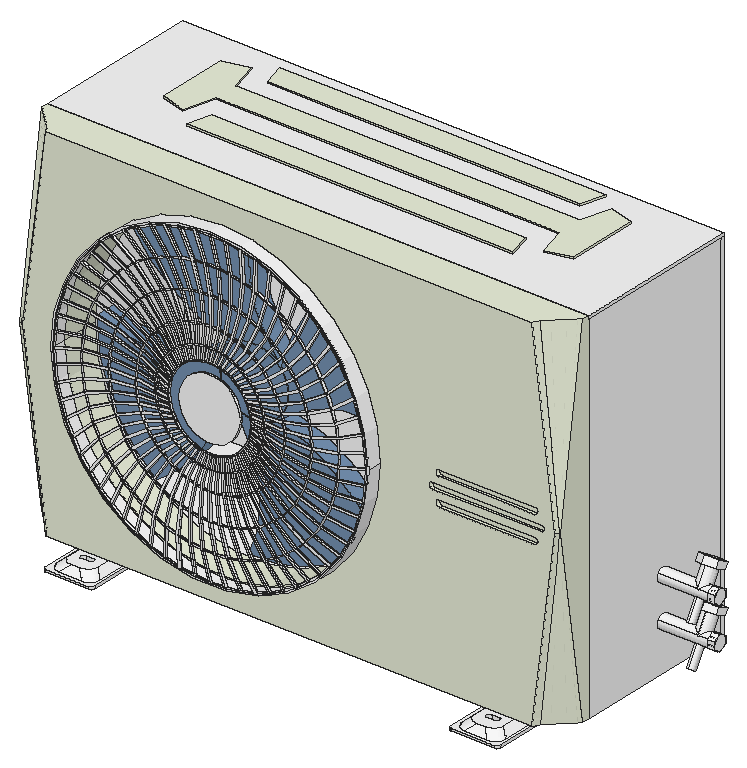
Revit family "ККБ REA I2 3,5 (5,3_6,2) инвертор", category Оборудование, Revit 2022
Family settings
  Размер круглого соединителя = Использовать радиус
  Тип детали = Нормальный
  Номер OmniClass = 23.75.00.00
  Заголовок OmniClass = Climate Control (HVAC)
  На основе рабочей плоскости = Нет
  Всегда вертикально = Да
  При загрузке вырезать с полостями = Нет
  Сохранять ориентацию аннотаций = Нет
  Общий = Нет
  Точка принадлежности помещению = Нет
Parameters (values of type "ККБ REA I2 3,5 инвертор")
  Отметка по умолчанию = 0.000 mm
  clearance access right = 600.000 mm
  clearance access left = 300.000 mm
  clearance access front = 2000.000 mm
  clearance access behind = 300.000 mm
  clearance [instance] = no
  Width = 795.000 mm
  Series = "VRF"
  Power supply = "220-240V 1Ph~50Hz/60Hz"
  Net Weight = 35.00 kg
  Группа модели = "ККБ REA I2 3,5 инвертор"
  Minimum Circuit Amps = 10 A
  Maximum Fuse Amps = 16 A
  Изготовитель = "WAER"  # constant formula
  Liquid pipe Radius = 0.5 * Liquid pipe  # 3.175 mm
  Liquid pipe = 6.350 mm
  Installation = "Outdoor installation"
  Height = 555.000 mm
  Heating Power Input = 0.88 kW
  Heating Capacity = 3.80 kW
  Gas pipe Radius = 0.5 * Gas pipe  # 6.350 mm
  Gas pipe = 12.700 mm
  Gas = "R410A"
  Описание = "High efficiency air cooled"
  Depth = 365.000 mm
  Cooling Power Input = 0.94 kW
  Cooling Capacity = 3.50 kW
  Condensation = "Air"
  Compressor = "1"
  Casing color = "SB2098"
  Air Flow = 2500.00 m³/h
Types (4, lengths in mm): name | Series | Группа модели | Minimum Circuit Amps | Maximum Fuse Amps | Heating Power Input | Heating Capacity | Cooling Power Input | Cooling Capacity | Air Flow
  (no name) | "VRF" | "ККБ REA I2 3,5 инвертор" | 10 A | 16 A | 0.88 kW | 3.80 kW | 0.94 kW | 3.50 kW | 2500.00 m³/h
  ККБ REA I2 3,5 инвертор | "VRF" | "ККБ REA I2 3,5 инвертор" | 10 A | 16 A | 0.88 kW | 3.80 kW | 0.94 kW | 3.50 kW | 2500.00 m³/h
  ККБ REA I2 5,3 инвертор | "VRF" | "ККБ REA I2 5,3 инвертор" | 16.3 A | 20 A | 1.35 kW | 5.80 kW | 1.47 kW | 5.30 kW | 2700.00 m³/h
  ККБ REA I2 6,2 инвертор | "CCU" | "ККБ REA I2 6,2 инвертор" | 16.3 A | 20 A | 1.41 kW | 6.00 kW | 1.85 kW | 6.20 kW | 2700.00 m³/h
Reference planes
  plane 1 "Center (Front/Back)": y = 0
  plane 2: z = 0
  plane 3 "Center (Left/Right)": x = 0
  plane 4: y = 142.5
  plane 5: y = -222.5
  plane 6: x = -397.5
  plane 7: x = 397.5
  plane 8: z = 555
  plane 9: x = 490
  plane 10: x = -435
  plane 11: z = 368
  plane 12: z = 289.5
Forms (mm)
  Extrusion 1, solid, material "Galvanized Steel", detail levels medium+fine
    sketch origin (-463, 23.5, 789) x (1, 0, 0) y (0, 1, 0)
      loop
        line (65.5, -159) -> (65.5, -213) -> (860.5, -213) -> (860.5, -159) -> (65.5, -159)
    from -765 to -234
  Extrusion 2, void
    sketch origin (25, 0, -115) x (1, 0, 0) y (0, 0, 1)
      loop
        circle (-122.999, 406.499) r 230
    from 95.826 to 189.5
  Extrusion 3, solid, material "Galvanized Steel", detail levels fine
    sketch origin (0, 0, 0) x (1, 0, 0) y (0, 1, 0)
      loop
        line (-301.632, 63.232) -> (-301.632, -42.111) -> (-264.682, -52.012) -> (-252.612, -6.969) -> (0, -6.969) -> (252.612, -6.969) -> (264.682, -52.012) -> (301.632, -42.111) -> (301.632, 63.232) -> (264.319, 73.23) -> (252.612, 29.542) -> (0, 29.542) -> (-252.612, 29.542) -> (-264.319, 73.23) -> (-301.632, 63.232)
      loop
        line (-239.248, 94.213) -> (-229.87, 59.213) -> (0, 59.213) -> (229.87, 59.213) -> (239.248, 94.213) -> (0, 94.213) -> (-239.248, 94.213)
      loop
        line (-239.945, -76.816) -> (0, -76.816) -> (239.945, -76.816) -> (230.567, -41.816) -> (0, -41.816) -> (-230.567, -41.816) -> (-239.945, -76.816)
    from 555 to 557
  Extrusion 4, solid, material "HXL White", detail levels fine
    sketch origin (-20, 0, 55) x (1, 0, 0) y (0, 0, 1)
      loop
        line (-400, 451.5) -> (-413.971, 441.771)
        arc (-413.971, 441.771) -> (-414.612, 441.134) -> (-415, 440.318) r 2.624
        line (-415, 440.318) -> (-415, 438.504)
        arc (-415, 438.504) -> (-414.222, 436.932) -> (-412.501, 436.597) r 1.977
        line (-412.501, 436.597) -> (-400, 440.016) -> (-400, 451.5)
    from -49.542 to 26.969
  Blend 5, void
    base sketch origin (-463, 23.5, 555) x (0, 1, 0) y (-1, 0, 0)
      loop
        line (-169, -860.5) -> (-204.355, -825.145) -> (-213, -820.154) -> (-213, -860.5) -> (-169, -860.5)
    top sketch origin (397.5, -4572, 289.5) x (-1, 0, 0) y (0, -1, 0)
      loop
        line (2.5, -4386.5) -> (6.5, -4382.5) -> (2.5, -4382.5) -> (0, -4382.5) -> (0, -4386.5) -> (2.5, -4386.5)
    from 0 to 0
  Blend 6, void
    base sketch origin (-463, 23.5, 24) x (-1, 0, 0) y (0, -1, 0)
      loop
        line (-860.5, 169) -> (-825.145, 204.355) -> (-820.154, 213) -> (-860.5, 213) -> (-860.5, 169)
    top sketch origin (397.5, -4572, 289.5) x (0, 1, 0) y (-1, 0, 0)
      loop
        line (4386.5, 2.5) -> (4382.5, 6.5) -> (4382.5, 2.5) -> (4382.5, 0) -> (4386.5, 0) -> (4386.5, 2.5)
    from 0 to 0
  Blend 7, void
    base sketch origin (463, 23.5, 555) x (0, -1, 0) y (1, 0, 0)
      loop
        line (169, -860.5) -> (213, -860.5) -> (213, -820.154) -> (204.355, -825.145) -> (169, -860.5)
    top sketch origin (-397.5, -4572, 289.5) x (1, 0, 0) y (0, 1, 0)
      loop
        line (2.5, 4386.5) -> (0, 4386.5) -> (0, 4382.5) -> (2.5, 4382.5) -> (6.5, 4382.5) -> (2.5, 4386.5)
    from 0 to 0
  Blend 8, void
    base sketch origin (463, 23.5, 24) x (1, 0, 0) y (0, 1, 0)
      loop
        line (-860.5, -169) -> (-860.5, -213) -> (-820.154, -213) -> (-825.145, -204.355) -> (-860.5, -169)
    top sketch origin (-397.5, -4572, 289.5) x (0, -1, 0) y (1, 0, 0)
      loop
        line (-4386.5, 2.5) -> (-4386.5, 0) -> (-4382.5, 0) -> (-4382.5, 2.5) -> (-4382.5, 6.5) -> (-4386.5, 2.5)
    from 0 to 0
  Extrusion 9, void
    sketch origin (398.949, -189.5, 783.549) x (1, 0, 0) y (0, 0, -1)
      loop
        line (-186.553, 489.049) -> (-26.553, 489.049)
        arc (-26.553, 489.049) -> (-21.553, 494.049) -> (-26.553, 499.049) r 5
        line (-26.553, 499.049) -> (-186.553, 499.049)
        arc (-186.553, 499.049) -> (-191.553, 494.049) -> (-186.553, 489.049) r 5
      loop
        line (-176.553, 509.049) -> (-36.553, 509.049)
        arc (-36.553, 509.049) -> (-31.553, 514.049) -> (-36.553, 519.049) r 5
        line (-36.553, 519.049) -> (-176.553, 519.049)
        arc (-176.553, 519.049) -> (-181.553, 514.049) -> (-176.553, 509.049) r 5
      loop
        line (-176.553, 469.049) -> (-36.553, 469.049)
        arc (-36.553, 469.049) -> (-31.553, 474.049) -> (-36.553, 479.049) r 5
        line (-36.553, 479.049) -> (-176.553, 479.049)
        arc (-176.553, 479.049) -> (-181.553, 474.049) -> (-176.553, 469.049) r 5
    from 0 to 5
Cuts and joins
  Extrusion 2, Blend 5, Blend 6, Blend 7, Blend 8, Extrusion 9 cuts Extrusion 1
Lines and regions (mm)
  model lines
    curve 1: line (-397.5, 113.5, 555) -> (-397.5, -135.5, 555)
    curve 2: line (397.5, 113.5, 555) -> (-397.5, 113.5, 555)
    curve 3: line (397.5, -135.5, 555) -> (397.5, 113.5, 555)
    curve 4: line (-397.5, -135.5, 555) -> (397.5, -135.5, 555)
    curve 5: line (-397.5, 113.5, 24) -> (-397.5, -135.5, 24)
    curve 6: line (397.5, 113.5, 24) -> (-397.5, 113.5, 24)
    curve 7: line (397.5, -135.5, 24) -> (397.5, 113.5, 24)
    curve 8: line (-397.5, -135.5, 24) -> (397.5, -135.5, 24)
    curve 9: line (-397.5, -135.5, 555) -> (-397.5, -135.5, 24)
    curve 10: line (397.5, -135.5, 24) -> (397.5, -135.5, 555)
    curve 11: line (397.5, 113.5, 555) -> (397.5, 113.5, 24)
    curve 12: line (-397.5, 113.5, 24) -> (-397.5, 113.5, 555)
Dimensions and locks
  aligned and locked: level to plane 2
Nested families
  nested 1: "pingban-HXL" at (-397.5, 113.5, 24), type "pingban-HXL", detail levels medium+fine
    with Width 795.000 mm, Height 526.000 mm, Depth 5.000 mm
  nested 2: "pingban-HXL" at (-397.5, -135.5, 24) x (0, 1, 0) z (0, 0, 1), type "pingban-HXL", detail levels medium+fine
    with Width 244.000 mm, Height 526.000 mm, Depth 5.000 mm
  nested 3: "pingban-HXL" at (397.5, 108.5, 24) x (0, -1, 0) z (0, 0, 1), type "pingban-HXL", detail levels medium+fine
    with Width 244.000 mm, Height 526.000 mm, Depth 5.000 mm
  nested 4: "xiaodijia365" at (298, -40, 0), type "xiaodijia365", detail levels medium+fine
  nested 5: "xiaodijia365" at (-298, -40, 0), type "xiaodijia365", detail levels medium+fine
  nested 6: "pingban-HXL" at (-392.5, 108.5, 24), type "pingban-HXL", detail levels medium+fine
    with Width 785.000 mm, Height 5.000 mm, Depth 244.000 mm
  nested 7: "pingban-HXL" at (-397.5, 113.5, 550), type "pingban-HXL", detail levels medium+fine
    with Width 795.000 mm, Height 5.000 mm, Depth 249.000 mm
  nested 8: "fengkou230（quxian+hou）" at (-97.999, -211.5, 291.5) x (1, 0, 0) z (0, 1, 0), type "fengkou230（quxian+hou）", detail levels medium+fine
  nested 9: "fengshan230" at (-97.999, -130, 291.5) x (-1, 0, 0) z (0, 1, 0), type "fengshan230", detail levels fine
  nested 10: "guan_HXL" at (442.5, 0, 154.965) x (0, 0.866, -0.5) z (0, 0.5, 0.866), type "guan_HXL"
    with luomukuandu2 30.000 mm, luomukuandu 20.000 mm, luomuhoudu2 10.000 mm, luomuhoudu 10.000 mm, diameter2 20.000 mm, diameter 20.000 mm, Length2 40.000 mm, Length 85.000 mm
  nested 11: "guan_HXL" at (442.5, 0, 93.918) x (0, 0.866, -0.5) z (0, 0.5, 0.866), type "guan_HXL"
    with luomukuandu2 30.000 mm, luomukuandu 20.000 mm, luomuhoudu2 10.000 mm, luomuhoudu 10.000 mm, diameter2 20.000 mm, diameter 20.000 mm, Length2 40.000 mm, Length 85.000 mm
  nested 12: "service space" at (-397.5, 142.5, 0), Height <- "Height", visible <- "clearance", type "Service  Space"
    with Width 795.000 mm, Height 555.000 mm, Depth 300.000 mm
  nested 13: "service space" at (-697.5, -222.5, 0), Height <- "Height", visible <- "clearance", type "Service  Space"
    with Width 300.000 mm, Height 555.000 mm, Depth 365.000 mm
  nested 14: "service space" at (397.5, -222.5, 0), Height <- "Height", visible <- "clearance", type "Service  Space"
    with Width 600.000 mm, Height 555.000 mm, Depth 365.000 mm
  nested 15: "service space" at (-397.5, -2222.5, 0), Height <- "Height", visible <- "clearance", type "Service  Space"
    with Width 795.000 mm, Height 555.000 mm, Depth 2000.000 mm
Connectors
  electrical at (-420, 11.286, 500.758)
    settings: on Extrusion 4, index 1, voltage 220 V, apparent load 0 VA, apparent load phase1 0 VA, apparent load phase2 0 VA, apparent load phase3 0 VA, power factor 1, load classification "HVAC", number of poles 1, system type 30, power factor state 1, is connector primary yes, connector utility no, sub classification motor no, connector description ""
  piping at (397.5, 0, 154.965), diameter 12.7, driven by "Gas pipe Radius"
    settings: on nested 10, index 2, connector inside diameter 1/2", connector length 0.000 mm, flow factor 0, pipe flow 0 GPM, pressure drop 0.00 psi, fitting loss kfactor 0, connector angle 0.00°, fixture units 0, engagement length 0.000 mm, angle of deflection 0.00°, flow configuration 0, flow direction 0, fitting loss method 0, system type 19, joint type 0, gender type 0, connector reference index -1, connector utility 0, adjustable connector no, is connector primary yes, connector description ""
  piping at (397.5, 0, 93.918), diameter 6.35, driven by "Liquid pipe Radius"
    settings: on nested 11, index 3, connector inside diameter 1/4", connector length 0.000 mm, flow factor 0, pipe flow 0 GPM, pressure drop 0.00 psi, fitting loss kfactor 0, connector angle 0.00°, fixture units 0, engagement length 0.000 mm, angle of deflection 0.00°, flow configuration 0, flow direction 0, fitting loss method 0, system type 19, joint type 0, gender type 0, connector reference index -1, connector utility 0, adjustable connector no, is connector primary no, connector description ""
Definition of nested family "pingban-HXL"
  Parameters
    Default Elevation = 0.000 mm
    Width [instance] = 65.000 mm
    Series = ""
    Machine material = none
    Installation = ""
    Height [instance] = 100.000 mm
    Gas = ""
    Depth [instance] = 5.000 mm
    Condensation = ""
  Reference planes
    plane 1 "Center (Front/Back)": y = 0
    plane 2: z = 0
    plane 3 "Center (Left/Right)": x = 0
    plane 4: z = 160
    plane 5: x = 65
  Forms (mm)
    Extrusion 1, solid, material <- "Machine material"
      sketch origin (0, 0, 0) x (1, 0, 0) y (0, 0, 1)
        loop
          line (0, 100) -> (0, 0) -> (65, 0) -> (65, 100) -> (0, 100)
      from 0 to 5
  Dimensions and locks
    "Width": Extrusion 1 to plane 3 "Center (Left/Right)"
    "Height": Extrusion 1 to level
    "Depth": Extrusion 1 to plane 1 "Center (Front/Back)"
    aligned and locked: level to plane 2
  Automatic sketch dimensions
    Extrusion 1 sketch curve to plane 3 "Center (Left/Right)" = 0.000 mm
    Extrusion 1 sketch curve to level = 0.000 mm
    Extrusion 1 sketch curve to plane 5 = 0.000 mm
    Extrusion 1 sketch curve to plane 4 = 60.000 mm
Definition of nested family "xiaodijia365"
  Parameters
    Default Elevation = 0.000 mm
  Reference planes
    plane 1 "Center (Front/Back)": y = 0
    plane 2: z = 0
    plane 3 "Center (Left/Right)": x = 0
    plane 4: x = -36.5
    plane 5: x = 36.5
    plane 6: z = 12
    plane 7: z = 3
    plane 8: z = 24
    plane 9: y = -20
    plane 10: y = 20
    plane 11: x = 21.5
    plane 12: x = -21.5
    plane 13: y = 182.5
    plane 14: y = -145.5
    plane 15: x = -6
    plane 16: x = 6
    plane 17: y = -186
    plane 18: y = -194
  Forms (mm)
    Blend 1, solid
      base sketch origin (0, 0, 0) x (1, 0, 0) y (0, 1, 0)
        loop
          line (6.5, 167.483) -> (-6.5, 167.483)
          arc (-6.5, 167.483) -> (-17.107, 163.09) -> (-21.5, 152.483) r 15
          line (-21.5, 152.483) -> (-21.5, -152.5)
          arc (-21.5, -152.5) -> (-17.107, -163.107) -> (-6.5, -167.5) r 15
          line (-6.5, -167.5) -> (6.5, -167.5)
          arc (6.5, -167.5) -> (17.107, -163.107) -> (21.5, -152.5) r 15
          line (21.5, -152.5) -> (21.5, 152.483)
          arc (21.5, 152.483) -> (17.107, 163.09) -> (6.5, 167.483) r 15
      top sketch origin (0, 0, 0) x (1, 0, 0) y (0, 1, 0)
        loop
          line (26.5, 177.5) -> (-26.5, 177.5)
          arc (-26.5, 177.5) -> (-30.036, 176.036) -> (-31.5, 172.5) r 5
          line (-31.5, 172.5) -> (-31.5, -162.5)
          arc (-31.5, -162.5) -> (-27.107, -173.107) -> (-16.5, -177.5) r 15
          line (-16.5, -177.5) -> (16.5, -177.5)
          arc (16.5, -177.5) -> (27.107, -173.107) -> (31.5, -162.5) r 15
          line (31.5, -162.5) -> (31.5, 172.5)
          arc (31.5, 172.5) -> (30.036, 176.036) -> (26.5, 177.5) r 5
      from 12 to 3
    Extrusion 2, solid
      sketch origin (0, 0, 0) x (1, 0, 0) y (0, 1, 0)
        loop
          arc (-31.5, 182.5) -> (-35.036, 181.036) -> (-36.5, 177.5) r 5
          line (-36.5, 177.5) -> (-36.5, -177.5)
          arc (-36.5, -177.5) -> (-35.036, -181.036) -> (-31.5, -182.5) r 5
          line (-31.5, -182.5) -> (31.5, -182.5)
          arc (31.5, -182.5) -> (35.036, -181.036) -> (36.5, -177.5) r 5
          line (36.5, -177.5) -> (36.5, 177.5)
          arc (36.5, 177.5) -> (35.036, 181.036) -> (31.5, 182.5) r 5
          line (31.5, 182.5) -> (-31.5, 182.5)
        loop
          arc (-26.5, 177.5) -> (-30.036, 176.036) -> (-31.5, 172.5) r 5
          line (-31.5, 172.5) -> (-31.5, -162.5)
          arc (-31.5, -162.5) -> (-27.107, -173.107) -> (-16.5, -177.5) r 15
          line (-16.5, -177.5) -> (16.5, -177.5)
          arc (16.5, -177.5) -> (27.107, -173.107) -> (31.5, -162.5) r 15
          line (31.5, -162.5) -> (31.5, 172.5)
          arc (31.5, 172.5) -> (30.036, 176.036) -> (26.5, 177.5) r 5
          line (26.5, 177.5) -> (-26.5, 177.5)
      from 0 to 3
    Extrusion 3, solid
      sketch origin (0, 0, 0) x (0, 1, 0) y (0, 0, 1)
        loop
          arc (-19.275, 24) -> (-19.902, 23.667) -> (-20.264, 23.056) r 1.312
          line (-20.264, 23.056) -> (-22.833, 13.434)
          arc (-22.833, 13.434) -> (-23.437, 12.605) -> (-24.266, 12) r 3.318
          line (-24.266, 12) -> (24.266, 12)
          arc (24.266, 12) -> (23.437, 12.605) -> (22.833, 13.434) r 3.318
          line (22.833, 13.434) -> (20.264, 23.056)
          arc (20.264, 23.056) -> (19.902, 23.667) -> (19.275, 24) r 1.312
          line (19.275, 24) -> (-19.275, 24)
      from -21.5 to 21.5
    Extrusion 4, solid
      sketch origin (0, 100, 0) x (0, 1, 0) y (0, 0, 1)
        loop
          arc (-19.275, 24) -> (-19.902, 23.667) -> (-20.264, 23.056) r 1.312
          line (-20.264, 23.056) -> (-22.833, 13.434)
          arc (-22.833, 13.434) -> (-23.437, 12.605) -> (-24.266, 12) r 3.318
          line (-24.266, 12) -> (24.266, 12)
          arc (24.266, 12) -> (23.437, 12.605) -> (22.833, 13.434) r 3.318
          line (22.833, 13.434) -> (20.264, 23.056)
          arc (20.264, 23.056) -> (19.902, 23.667) -> (19.275, 24) r 1.312
          line (19.275, 24) -> (-19.275, 24)
      from -21.5 to 21.5
    Extrusion 5, solid
      sketch origin (0, -100, 0) x (0, 1, 0) y (0, 0, 1)
        loop
          arc (-19.275, 24) -> (-19.902, 23.667) -> (-20.264, 23.056) r 1.312
          line (-20.264, 23.056) -> (-22.833, 13.434)
          arc (-22.833, 13.434) -> (-23.437, 12.605) -> (-24.266, 12) r 3.318
          line (-24.266, 12) -> (24.266, 12)
          arc (24.266, 12) -> (23.437, 12.605) -> (22.833, 13.434) r 3.318
          line (22.833, 13.434) -> (20.264, 23.056)
          arc (20.264, 23.056) -> (19.902, 23.667) -> (19.275, 24) r 1.312
          line (19.275, 24) -> (-19.275, 24)
      from -21.5 to 21.5
    Extrusion 6, void
      sketch origin (0, 44.5, 0) x (1, 0, 0) y (0, 1, 0)
        loop
          arc (-6, -186) -> (-10, -190) -> (-6, -194) r 4
          line (-6, -194) -> (6, -194)
          arc (6, -194) -> (10, -190) -> (6, -186) r 4
          line (6, -186) -> (-6, -186)
        loop
          line (-6, 97) -> (6, 97)
          arc (6, 97) -> (10, 101) -> (6, 105) r 4
          line (6, 105) -> (-6, 105)
          arc (-6, 105) -> (-10, 101) -> (-6, 97) r 4
      from 0 to 20
  Cuts and joins
    Extrusion 6 cuts Blend 1
  Dimensions and locks
    aligned and locked: level to plane 2
Definition of nested family "fengkou230（quxian+hou）"
  Parameters
    Default Elevation = 0.000 mm
    Series = ""
    Machine material = none
    Installation = ""
    Gas = ""
    Condensation = ""
  Reference planes
    plane 1 "Center (Front/Back)": y = 0
    plane 2: z = 0
    plane 3 "Center (Left/Right)": x = 0
  Forms (mm)
    Extrusion 1, solid, material <- "Machine material"
      sketch origin (0, 0, 0) x (1, 0, 0) y (0, 1, 0)
        loop
          circle (0, 0) r 60
        loop
          circle (0, 0) r 61
        loop
          circle (0, 0) r 80
        loop
          circle (0, 0) r 81
        loop
          circle (0, 0) r 109
        loop
          circle (0, 0) r 110
        loop
          circle (0, 0) r 149
        loop
          circle (0, 0) r 150
        loop
          circle (0, 0) r 189
        loop
          circle (0, 0) r 190
        loop
          circle (0, 0) r 229
        loop
          circle (0, 0) r 230
      from 0 to 2
    Extrusion 2, solid, material <- "Machine material"
      sketch origin (0, 0, 0) x (-0.92388, 0.382683, 0) y (-0.382683, -0.92388, 0)
        loop
          line (1.697, 229.995) -> (-1.5, 229.995)
          arc (-1.5, 229.995) -> (-16.559, 144.988) -> (-1.5, 59.981) r 247.455
          line (-1.5, 59.981) -> (1.697, 59.981)
          arc (1.697, 59.981) -> (-13.559, 144.988) -> (1.697, 229.995) r 244.455
      from 0 to 2
    Extrusion 3, solid, material <- "Machine material"
      sketch origin (0, 0, 0) x (0.92388, -0.382683, 0) y (0.382683, 0.92388, 0)
        loop
          line (1.697, 229.995) -> (-1.5, 229.995)
          arc (-1.5, 229.995) -> (-16.559, 144.988) -> (-1.5, 59.981) r 247.455
          line (-1.5, 59.981) -> (1.697, 59.981)
          arc (1.697, 59.981) -> (-13.559, 144.988) -> (1.697, 229.995) r 244.455
      from 0 to 2
    Extrusion 4, solid, material <- "Machine material"
      sketch origin (0, 0, 0) x (0.382683, 0.92388, 0) y (-0.92388, 0.382683, 0)
        loop
          line (1.697, 229.995) -> (-1.5, 229.995)
          arc (-1.5, 229.995) -> (-16.559, 144.988) -> (-1.5, 59.981) r 247.455
          line (-1.5, 59.981) -> (1.697, 59.981)
          arc (1.697, 59.981) -> (-13.559, 144.988) -> (1.697, 229.995) r 244.455
      from 0 to 2
    Extrusion 5, solid, material <- "Machine material"
      sketch origin (0, 0, 0) x (-0.382683, -0.92388, 0) y (0.92388, -0.382683, 0)
        loop
          line (1.697, 229.995) -> (-1.5, 229.995)
          arc (-1.5, 229.995) -> (-16.559, 144.988) -> (-1.5, 59.981) r 247.455
          line (-1.5, 59.981) -> (1.697, 59.981)
          arc (1.697, 59.981) -> (-13.559, 144.988) -> (1.697, 229.995) r 244.455
      from 0 to 2
    Extrusion 6, solid, material <- "Machine material"
      sketch origin (0, 0, 0) x (-0.382683, 0.92388, 0) y (-0.92388, -0.382683, 0)
        loop
          line (1.697, 229.995) -> (-1.5, 229.995)
          arc (-1.5, 229.995) -> (-16.559, 144.988) -> (-1.5, 59.981) r 247.455
          line (-1.5, 59.981) -> (1.697, 59.981)
          arc (1.697, 59.981) -> (-13.559, 144.988) -> (1.697, 229.995) r 244.455
      from 0 to 2
    Extrusion 7, solid, material <- "Machine material"
      sketch origin (0, 0, 0) x (0.382683, -0.92388, 0) y (0.92388, 0.382683, 0)
        loop
          line (1.697, 229.995) -> (-1.5, 229.995)
          arc (-1.5, 229.995) -> (-16.559, 144.988) -> (-1.5, 59.981) r 247.455
          line (-1.5, 59.981) -> (1.697, 59.981)
          arc (1.697, 59.981) -> (-13.559, 144.988) -> (1.697, 229.995) r 244.455
      from 0 to 2
    Extrusion 8, solid, material <- "Machine material"
      sketch origin (0, 0, 0) x (0.92388, 0.382683, 0) y (-0.382683, 0.92388, 0)
        loop
          line (1.697, 229.995) -> (-1.5, 229.995)
          arc (-1.5, 229.995) -> (-16.559, 144.988) -> (-1.5, 59.981) r 247.455
          line (-1.5, 59.981) -> (1.697, 59.981)
          arc (1.697, 59.981) -> (-13.559, 144.988) -> (1.697, 229.995) r 244.455
      from 0 to 2
    Extrusion 9, solid, material <- "Machine material"
      sketch origin (0, 0, 0) x (-0.92388, -0.382683, 0) y (0.382683, -0.92388, 0)
        loop
          line (1.697, 229.995) -> (-1.5, 229.995)
          arc (-1.5, 229.995) -> (-16.559, 144.988) -> (-1.5, 59.981) r 247.455
          line (-1.5, 59.981) -> (1.697, 59.981)
          arc (1.697, 59.981) -> (-13.559, 144.988) -> (1.697, 229.995) r 244.455
      from 0 to 2
    Extrusion 10, solid, material <- "Machine material"
      sketch origin (0, 0, 0) x (-0.707107, 0.707107, 0) y (-0.707107, -0.707107, 0)
        loop
          line (1.697, 229.995) -> (-1.5, 229.995)
          arc (-1.5, 229.995) -> (-16.559, 144.988) -> (-1.5, 59.981) r 247.455
          line (-1.5, 59.981) -> (1.697, 59.981)
          arc (1.697, 59.981) -> (-13.559, 144.988) -> (1.697, 229.995) r 244.455
      from 0 to 2
    Extrusion 11, solid, material <- "Machine material"
      sketch origin (0, 0, 0) x (0.707107, -0.707107, 0) y (0.707107, 0.707107, 0)
        loop
          line (1.697, 229.995) -> (-1.5, 229.995)
          arc (-1.5, 229.995) -> (-16.559, 144.988) -> (-1.5, 59.981) r 247.455
          line (-1.5, 59.981) -> (1.697, 59.981)
          arc (1.697, 59.981) -> (-13.559, 144.988) -> (1.697, 229.995) r 244.455
      from 0 to 2
    Extrusion 12, solid, material <- "Machine material"
      sketch origin (0, 0, 0) x (0.707107, 0.707107, 0) y (-0.707107, 0.707107, 0)
        loop
          line (1.697, 229.995) -> (-1.5, 229.995)
          arc (-1.5, 229.995) -> (-16.559, 144.988) -> (-1.5, 59.981) r 247.455
          line (-1.5, 59.981) -> (1.697, 59.981)
          arc (1.697, 59.981) -> (-13.559, 144.988) -> (1.697, 229.995) r 244.455
      from 0 to 2
    Extrusion 13, solid, material <- "Machine material"
      sketch origin (0, 0, 0) x (-0.707107, -0.707107, 0) y (0.707107, -0.707107, 0)
        loop
          line (1.697, 229.995) -> (-1.5, 229.995)
          arc (-1.5, 229.995) -> (-16.559, 144.988) -> (-1.5, 59.981) r 247.455
          line (-1.5, 59.981) -> (1.697, 59.981)
          arc (1.697, 59.981) -> (-13.559, 144.988) -> (1.697, 229.995) r 244.455
      from 0 to 2
    Extrusion 14, solid, material <- "Machine material"
      sketch origin (0, 0, 0) x (0, 1, 0) y (-1, 0, 0)
        loop
          line (1.697, 229.995) -> (-1.5, 229.995)
          arc (-1.5, 229.995) -> (-16.559, 144.988) -> (-1.5, 59.981) r 247.455
          line (-1.5, 59.981) -> (1.697, 59.981)
          arc (1.697, 59.981) -> (-13.559, 144.988) -> (1.697, 229.995) r 244.455
      from 0 to 2
    Extrusion 15, solid, material <- "Machine material"
      sketch origin (0, 0, 0) x (0, -1, 0) y (1, 0, 0)
        loop
          line (1.697, 229.995) -> (-1.5, 229.995)
          arc (-1.5, 229.995) -> (-16.559, 144.988) -> (-1.5, 59.981) r 247.455
          line (-1.5, 59.981) -> (1.697, 59.981)
          arc (1.697, 59.981) -> (-13.559, 144.988) -> (1.697, 229.995) r 244.455
      from 0 to 2
    Extrusion 16, solid, material <- "Machine material"
      sketch origin (0, 0, 0) x (1, 0, 0) y (0, 1, 0)
        loop
          line (1.697, 229.995) -> (-1.5, 229.995)
          arc (-1.5, 229.995) -> (-16.559, 144.988) -> (-1.5, 59.981) r 247.455
          line (-1.5, 59.981) -> (1.697, 59.981)
          arc (1.697, 59.981) -> (-13.559, 144.988) -> (1.697, 229.995) r 244.455
      from 0 to 2
    Extrusion 17, solid, material <- "Machine material"
      sketch origin (0, 0, 0) x (-1, 0, 0) y (0, -1, 0)
        loop
          line (1.697, 229.995) -> (-1.5, 229.995)
          arc (-1.5, 229.995) -> (-16.559, 144.988) -> (-1.5, 59.981) r 247.455
          line (-1.5, 59.981) -> (1.697, 59.981)
          arc (1.697, 59.981) -> (-13.559, 144.988) -> (1.697, 229.995) r 244.455
      from 0 to 2
    Extrusion 18, solid, material <- "Machine material"
      sketch origin (0, 0, 0) x (-0.980785, 0.19509, 0) y (-0.19509, -0.980785, 0)
        loop
          line (1.697, 229.995) -> (-1.5, 229.995)
          arc (-1.5, 229.995) -> (-16.559, 144.988) -> (-1.5, 59.981) r 247.455
          line (-1.5, 59.981) -> (1.697, 59.981)
          arc (1.697, 59.981) -> (-13.559, 144.988) -> (1.697, 229.995) r 244.455
      from 0 to 2
    Extrusion 19, solid, material <- "Machine material"
      sketch origin (0, 0, 0) x (0.980785, -0.19509, 0) y (0.19509, 0.980785, 0)
        loop
          line (1.697, 229.995) -> (-1.5, 229.995)
          arc (-1.5, 229.995) -> (-16.559, 144.988) -> (-1.5, 59.981) r 247.455
          line (-1.5, 59.981) -> (1.697, 59.981)
          arc (1.697, 59.981) -> (-13.559, 144.988) -> (1.697, 229.995) r 244.455
      from 0 to 2
    Extrusion 20, solid, material <- "Machine material"
      sketch origin (0, 0, 0) x (0.19509, 0.980785, 0) y (-0.980785, 0.19509, 0)
        loop
          line (1.697, 229.995) -> (-1.5, 229.995)
          arc (-1.5, 229.995) -> (-16.559, 144.988) -> (-1.5, 59.981) r 247.455
          line (-1.5, 59.981) -> (1.697, 59.981)
          arc (1.697, 59.981) -> (-13.559, 144.988) -> (1.697, 229.995) r 244.455
      from 0 to 2
    Extrusion 21, solid, material <- "Machine material"
      sketch origin (0, 0, 0) x (-0.19509, -0.980785, 0) y (0.980785, -0.19509, 0)
        loop
          line (1.697, 229.995) -> (-1.5, 229.995)
          arc (-1.5, 229.995) -> (-16.559, 144.988) -> (-1.5, 59.981) r 247.455
          line (-1.5, 59.981) -> (1.697, 59.981)
          arc (1.697, 59.981) -> (-13.559, 144.988) -> (1.697, 229.995) r 244.455
      from 0 to 2
    Extrusion 22, solid, material <- "Machine material"
      sketch origin (0, 0, 0) x (-0.55557, 0.83147, 0) y (-0.83147, -0.55557, 0)
        loop
          line (1.697, 229.995) -> (-1.5, 229.995)
          arc (-1.5, 229.995) -> (-16.559, 144.988) -> (-1.5, 59.981) r 247.455
          line (-1.5, 59.981) -> (1.697, 59.981)
          arc (1.697, 59.981) -> (-13.559, 144.988) -> (1.697, 229.995) r 244.455
      from 0 to 2
    Extrusion 23, solid, material <- "Machine material"
      sketch origin (0, 0, 0) x (0.55557, -0.83147, 0) y (0.83147, 0.55557, 0)
        loop
          line (1.697, 229.995) -> (-1.5, 229.995)
          arc (-1.5, 229.995) -> (-16.559, 144.988) -> (-1.5, 59.981) r 247.455
          line (-1.5, 59.981) -> (1.697, 59.981)
          arc (1.697, 59.981) -> (-13.559, 144.988) -> (1.697, 229.995) r 244.455
      from 0 to 2
    Extrusion 24, solid, material <- "Machine material"
      sketch origin (0, 0, 0) x (0.83147, 0.55557, 0) y (-0.55557, 0.83147, 0)
        loop
          line (1.697, 229.995) -> (-1.5, 229.995)
          arc (-1.5, 229.995) -> (-16.559, 144.988) -> (-1.5, 59.981) r 247.455
          line (-1.5, 59.981) -> (1.697, 59.981)
          arc (1.697, 59.981) -> (-13.559, 144.988) -> (1.697, 229.995) r 244.455
      from 0 to 2
    Extrusion 25, solid, material <- "Machine material"
      sketch origin (0, 0, 0) x (-0.83147, -0.55557, 0) y (0.55557, -0.83147, 0)
        loop
          line (1.697, 229.995) -> (-1.5, 229.995)
          arc (-1.5, 229.995) -> (-16.559, 144.988) -> (-1.5, 59.981) r 247.455
          line (-1.5, 59.981) -> (1.697, 59.981)
          arc (1.697, 59.981) -> (-13.559, 144.988) -> (1.697, 229.995) r 244.455
      from 0 to 2
    Extrusion 26, solid, material <- "Machine material"
      sketch origin (0, 0, 0) x (-0.83147, 0.55557, 0) y (-0.55557, -0.83147, 0)
        loop
          line (1.697, 229.995) -> (-1.5, 229.995)
          arc (-1.5, 229.995) -> (-16.559, 144.988) -> (-1.5, 59.981) r 247.455
          line (-1.5, 59.981) -> (1.697, 59.981)
          arc (1.697, 59.981) -> (-13.559, 144.988) -> (1.697, 229.995) r 244.455
      from 0 to 2
    Extrusion 27, solid, material <- "Machine material"
      sketch origin (0, 0, 0) x (0.83147, -0.55557, 0) y (0.55557, 0.83147, 0)
        loop
          line (1.697, 229.995) -> (-1.5, 229.995)
          arc (-1.5, 229.995) -> (-16.559, 144.988) -> (-1.5, 59.981) r 247.455
          line (-1.5, 59.981) -> (1.697, 59.981)
          arc (1.697, 59.981) -> (-13.559, 144.988) -> (1.697, 229.995) r 244.455
      from 0 to 2
    Extrusion 28, solid, material <- "Machine material"
      sketch origin (0, 0, 0) x (0.55557, 0.83147, 0) y (-0.83147, 0.55557, 0)
        loop
          line (1.697, 229.995) -> (-1.5, 229.995)
          arc (-1.5, 229.995) -> (-16.559, 144.988) -> (-1.5, 59.981) r 247.455
          line (-1.5, 59.981) -> (1.697, 59.981)
          arc (1.697, 59.981) -> (-13.559, 144.988) -> (1.697, 229.995) r 244.455
      from 0 to 2
    Extrusion 29, solid, material <- "Machine material"
      sketch origin (0, 0, 0) x (-0.55557, -0.83147, 0) y (0.83147, -0.55557, 0)
        loop
          line (1.697, 229.995) -> (-1.5, 229.995)
          arc (-1.5, 229.995) -> (-16.559, 144.988) -> (-1.5, 59.981) r 247.455
          line (-1.5, 59.981) -> (1.697, 59.981)
          arc (1.697, 59.981) -> (-13.559, 144.988) -> (1.697, 229.995) r 244.455
      from 0 to 2
    Extrusion 30, solid, material <- "Machine material"
      sketch origin (0, 0, 0) x (-0.19509, 0.980785, 0) y (-0.980785, -0.19509, 0)
        loop
          line (1.697, 229.995) -> (-1.5, 229.995)
          arc (-1.5, 229.995) -> (-16.559, 144.988) -> (-1.5, 59.981) r 247.455
          line (-1.5, 59.981) -> (1.697, 59.981)
          arc (1.697, 59.981) -> (-13.559, 144.988) -> (1.697, 229.995) r 244.455
      from 0 to 2
    Extrusion 31, solid, material <- "Machine material"
      sketch origin (0, 0, 0) x (0.19509, -0.980785, 0) y (0.980785, 0.19509, 0)
        loop
          line (1.697, 229.995) -> (-1.5, 229.995)
          arc (-1.5, 229.995) -> (-16.559, 144.988) -> (-1.5, 59.981) r 247.455
          line (-1.5, 59.981) -> (1.697, 59.981)
          arc (1.697, 59.981) -> (-13.559, 144.988) -> (1.697, 229.995) r 244.455
      from 0 to 2
    Extrusion 32, solid, material <- "Machine material"
      sketch origin (0, 0, 0) x (0.980785, 0.19509, 0) y (-0.19509, 0.980785, 0)
        loop
          line (1.697, 229.995) -> (-1.5, 229.995)
          arc (-1.5, 229.995) -> (-16.559, 144.988) -> (-1.5, 59.981) r 247.455
          line (-1.5, 59.981) -> (1.697, 59.981)
          arc (1.697, 59.981) -> (-13.559, 144.988) -> (1.697, 229.995) r 244.455
      from 0 to 2
    Extrusion 33, solid, material <- "Machine material"
      sketch origin (0, 0, 0) x (-0.980785, -0.19509, 0) y (0.19509, -0.980785, 0)
        loop
          line (1.697, 229.995) -> (-1.5, 229.995)
          arc (-1.5, 229.995) -> (-16.559, 144.988) -> (-1.5, 59.981) r 247.455
          line (-1.5, 59.981) -> (1.697, 59.981)
          arc (1.697, 59.981) -> (-13.559, 144.988) -> (1.697, 229.995) r 244.455
      from 0 to 2
    Extrusion 34, solid, material <- "Machine material"
      sketch origin (0, 0, 0) x (-0.95694, 0.290285, 0) y (-0.290285, -0.95694, 0)
        loop
          line (1.697, 229.995) -> (-1.5, 229.995)
          arc (-1.5, 229.995) -> (-16.559, 144.988) -> (-1.5, 59.981) r 247.455
          line (-1.5, 59.981) -> (1.697, 59.981)
          arc (1.697, 59.981) -> (-13.559, 144.988) -> (1.697, 229.995) r 244.455
      from 0 to 2
    Extrusion 35, solid, material <- "Machine material"
      sketch origin (0, 0, 0) x (0.95694, -0.290285, 0) y (0.290285, 0.95694, 0)
        loop
          line (1.697, 229.995) -> (-1.5, 229.995)
          arc (-1.5, 229.995) -> (-16.559, 144.988) -> (-1.5, 59.981) r 247.455
          line (-1.5, 59.981) -> (1.697, 59.981)
          arc (1.697, 59.981) -> (-13.559, 144.988) -> (1.697, 229.995) r 244.455
      from 0 to 2
    Extrusion 36, solid, material <- "Machine material"
      sketch origin (0, 0, 0) x (0.290285, 0.95694, 0) y (-0.95694, 0.290285, 0)
        loop
          line (1.697, 229.995) -> (-1.5, 229.995)
          arc (-1.5, 229.995) -> (-16.559, 144.988) -> (-1.5, 59.981) r 247.455
          line (-1.5, 59.981) -> (1.697, 59.981)
          arc (1.697, 59.981) -> (-13.559, 144.988) -> (1.697, 229.995) r 244.455
      from 0 to 2
    Extrusion 37, solid, material <- "Machine material"
      sketch origin (0, 0, 0) x (-0.290285, -0.95694, 0) y (0.95694, -0.290285, 0)
        loop
          line (1.697, 229.995) -> (-1.5, 229.995)
          arc (-1.5, 229.995) -> (-16.559, 144.988) -> (-1.5, 59.981) r 247.455
          line (-1.5, 59.981) -> (1.697, 59.981)
          arc (1.697, 59.981) -> (-13.559, 144.988) -> (1.697, 229.995) r 244.455
      from 0 to 2
    Extrusion 38, solid, material <- "Machine material"
      sketch origin (0, 0, 0) x (-0.471397, 0.881921, 0) y (-0.881921, -0.471397, 0)
        loop
          line (1.697, 229.995) -> (-1.5, 229.995)
          arc (-1.5, 229.995) -> (-16.559, 144.988) -> (-1.5, 59.981) r 247.455
          line (-1.5, 59.981) -> (1.697, 59.981)
          arc (1.697, 59.981) -> (-13.559, 144.988) -> (1.697, 229.995) r 244.455
      from 0 to 2
    Extrusion 39, solid, material <- "Machine material"
      sketch origin (0, 0, 0) x (0.471397, -0.881921, 0) y (0.881921, 0.471397, 0)
        loop
          line (1.697, 229.995) -> (-1.5, 229.995)
          arc (-1.5, 229.995) -> (-16.559, 144.988) -> (-1.5, 59.981) r 247.455
          line (-1.5, 59.981) -> (1.697, 59.981)
          arc (1.697, 59.981) -> (-13.559, 144.988) -> (1.697, 229.995) r 244.455
      from 0 to 2
    Extrusion 40, solid, material <- "Machine material"
      sketch origin (0, 0, 0) x (0.881921, 0.471397, 0) y (-0.471397, 0.881921, 0)
        loop
          line (1.697, 229.995) -> (-1.5, 229.995)
          arc (-1.5, 229.995) -> (-16.559, 144.988) -> (-1.5, 59.981) r 247.455
          line (-1.5, 59.981) -> (1.697, 59.981)
          arc (1.697, 59.981) -> (-13.559, 144.988) -> (1.697, 229.995) r 244.455
      from 0 to 2
    Extrusion 41, solid, material <- "Machine material"
      sketch origin (0, 0, 0) x (-0.881921, -0.471397, 0) y (0.471397, -0.881921, 0)
        loop
          line (1.697, 229.995) -> (-1.5, 229.995)
          arc (-1.5, 229.995) -> (-16.559, 144.988) -> (-1.5, 59.981) r 247.455
          line (-1.5, 59.981) -> (1.697, 59.981)
          arc (1.697, 59.981) -> (-13.559, 144.988) -> (1.697, 229.995) r 244.455
      from 0 to 2
    Extrusion 42, solid, material <- "Machine material"
      sketch origin (0, 0, 0) x (-0.77301, 0.634393, 0) y (-0.634393, -0.77301, 0)
        loop
          line (1.697, 229.995) -> (-1.5, 229.995)
          arc (-1.5, 229.995) -> (-16.559, 144.988) -> (-1.5, 59.981) r 247.455
          line (-1.5, 59.981) -> (1.697, 59.981)
          arc (1.697, 59.981) -> (-13.559, 144.988) -> (1.697, 229.995) r 244.455
      from 0 to 2
    Extrusion 43, solid, material <- "Machine material"
      sketch origin (0, 0, 0) x (0.77301, -0.634393, 0) y (0.634393, 0.77301, 0)
        loop
          line (1.697, 229.995) -> (-1.5, 229.995)
          arc (-1.5, 229.995) -> (-16.559, 144.988) -> (-1.5, 59.981) r 247.455
          line (-1.5, 59.981) -> (1.697, 59.981)
          arc (1.697, 59.981) -> (-13.559, 144.988) -> (1.697, 229.995) r 244.455
      from 0 to 2
    Extrusion 44, solid, material <- "Machine material"
      sketch origin (0, 0, 0) x (0.634393, 0.77301, 0) y (-0.77301, 0.634393, 0)
        loop
          line (1.697, 229.995) -> (-1.5, 229.995)
          arc (-1.5, 229.995) -> (-16.559, 144.988) -> (-1.5, 59.981) r 247.455
          line (-1.5, 59.981) -> (1.697, 59.981)
          arc (1.697, 59.981) -> (-13.559, 144.988) -> (1.697, 229.995) r 244.455
      from 0 to 2
    Extrusion 45, solid, material <- "Machine material"
      sketch origin (0, 0, 0) x (-0.634393, -0.77301, 0) y (0.77301, -0.634393, 0)
        loop
          line (1.697, 229.995) -> (-1.5, 229.995)
          arc (-1.5, 229.995) -> (-16.559, 144.988) -> (-1.5, 59.981) r 247.455
          line (-1.5, 59.981) -> (1.697, 59.981)
          arc (1.697, 59.981) -> (-13.559, 144.988) -> (1.697, 229.995) r 244.455
      from 0 to 2
    Extrusion 46, solid, material <- "Machine material"
      sketch origin (0, 0, 0) x (-0.098017, 0.995185, 0) y (-0.995185, -0.098017, 0)
        loop
          line (1.697, 229.995) -> (-1.5, 229.995)
          arc (-1.5, 229.995) -> (-16.559, 144.988) -> (-1.5, 59.981) r 247.455
          line (-1.5, 59.981) -> (1.697, 59.981)
          arc (1.697, 59.981) -> (-13.559, 144.988) -> (1.697, 229.995) r 244.455
      from 0 to 2
    Extrusion 47, solid, material <- "Machine material"
      sketch origin (0, 0, 0) x (0.098017, -0.995185, 0) y (0.995185, 0.098017, 0)
        loop
          line (1.697, 229.995) -> (-1.5, 229.995)
          arc (-1.5, 229.995) -> (-16.559, 144.988) -> (-1.5, 59.981) r 247.455
          line (-1.5, 59.981) -> (1.697, 59.981)
          arc (1.697, 59.981) -> (-13.559, 144.988) -> (1.697, 229.995) r 244.455
      from 0 to 2
    Extrusion 48, solid, material <- "Machine material"
      sketch origin (0, 0, 0) x (0.995185, 0.098017, 0) y (-0.098017, 0.995185, 0)
        loop
          line (1.697, 229.995) -> (-1.5, 229.995)
          arc (-1.5, 229.995) -> (-16.559, 144.988) -> (-1.5, 59.981) r 247.455
          line (-1.5, 59.981) -> (1.697, 59.981)
          arc (1.697, 59.981) -> (-13.559, 144.988) -> (1.697, 229.995) r 244.455
      from 0 to 2
    Extrusion 49, solid, material <- "Machine material"
      sketch origin (0, 0, 0) x (-0.995185, -0.098017, 0) y (0.098017, -0.995185, 0)
        loop
          line (1.697, 229.995) -> (-1.5, 229.995)
          arc (-1.5, 229.995) -> (-16.559, 144.988) -> (-1.5, 59.981) r 247.455
          line (-1.5, 59.981) -> (1.697, 59.981)
          arc (1.697, 59.981) -> (-13.559, 144.988) -> (1.697, 229.995) r 244.455
      from 0 to 2
    Extrusion 50, solid, material <- "Machine material"
      sketch origin (0, 0, 0) x (-0.995185, 0.098017, 0) y (-0.098017, -0.995185, 0)
        loop
          line (1.697, 229.995) -> (-1.5, 229.995)
          arc (-1.5, 229.995) -> (-16.559, 144.988) -> (-1.5, 59.981) r 247.455
          line (-1.5, 59.981) -> (1.697, 59.981)
          arc (1.697, 59.981) -> (-13.559, 144.988) -> (1.697, 229.995) r 244.455
      from 0 to 2
    Extrusion 51, solid, material <- "Machine material"
      sketch origin (0, 0, 0) x (0.995185, -0.098017, 0) y (0.098017, 0.995185, 0)
        loop
          line (1.697, 229.995) -> (-1.5, 229.995)
          arc (-1.5, 229.995) -> (-16.559, 144.988) -> (-1.5, 59.981) r 247.455
          line (-1.5, 59.981) -> (1.697, 59.981)
          arc (1.697, 59.981) -> (-13.559, 144.988) -> (1.697, 229.995) r 244.455
      from 0 to 2
    Extrusion 52, solid, material <- "Machine material"
      sketch origin (0, 0, 0) x (0.098017, 0.995185, 0) y (-0.995185, 0.098017, 0)
        loop
          line (1.697, 229.995) -> (-1.5, 229.995)
          arc (-1.5, 229.995) -> (-16.559, 144.988) -> (-1.5, 59.981) r 247.455
          line (-1.5, 59.981) -> (1.697, 59.981)
          arc (1.697, 59.981) -> (-13.559, 144.988) -> (1.697, 229.995) r 244.455
      from 0 to 2
    Extrusion 53, solid, material <- "Machine material"
      sketch origin (0, 0, 0) x (-0.098017, -0.995185, 0) y (0.995185, -0.098017, 0)
        loop
          line (1.697, 229.995) -> (-1.5, 229.995)
          arc (-1.5, 229.995) -> (-16.559, 144.988) -> (-1.5, 59.981) r 247.455
          line (-1.5, 59.981) -> (1.697, 59.981)
          arc (1.697, 59.981) -> (-13.559, 144.988) -> (1.697, 229.995) r 244.455
      from 0 to 2
    Extrusion 54, solid, material <- "Machine material"
      sketch origin (0, 0, 0) x (-0.634393, 0.77301, 0) y (-0.77301, -0.634393, 0)
        loop
          line (1.697, 229.995) -> (-1.5, 229.995)
          arc (-1.5, 229.995) -> (-16.559, 144.988) -> (-1.5, 59.981) r 247.455
          line (-1.5, 59.981) -> (1.697, 59.981)
          arc (1.697, 59.981) -> (-13.559, 144.988) -> (1.697, 229.995) r 244.455
      from 0 to 2
    Extrusion 55, solid, material <- "Machine material"
      sketch origin (0, 0, 0) x (0.634393, -0.77301, 0) y (0.77301, 0.634393, 0)
        loop
          line (1.697, 229.995) -> (-1.5, 229.995)
          arc (-1.5, 229.995) -> (-16.559, 144.988) -> (-1.5, 59.981) r 247.455
          line (-1.5, 59.981) -> (1.697, 59.981)
          arc (1.697, 59.981) -> (-13.559, 144.988) -> (1.697, 229.995) r 244.455
      from 0 to 2
    Extrusion 56, solid, material <- "Machine material"
      sketch origin (0, 0, 0) x (0.77301, 0.634393, 0) y (-0.634393, 0.77301, 0)
        loop
          line (1.697, 229.995) -> (-1.5, 229.995)
          arc (-1.5, 229.995) -> (-16.559, 144.988) -> (-1.5, 59.981) r 247.455
          line (-1.5, 59.981) -> (1.697, 59.981)
          arc (1.697, 59.981) -> (-13.559, 144.988) -> (1.697, 229.995) r 244.455
      from 0 to 2
    Extrusion 57, solid, material <- "Machine material"
      sketch origin (0, 0, 0) x (-0.77301, -0.634393, 0) y (0.634393, -0.77301, 0)
        loop
          line (1.697, 229.995) -> (-1.5, 229.995)
          arc (-1.5, 229.995) -> (-16.559, 144.988) -> (-1.5, 59.981) r 247.455
          line (-1.5, 59.981) -> (1.697, 59.981)
          arc (1.697, 59.981) -> (-13.559, 144.988) -> (1.697, 229.995) r 244.455
      from 0 to 2
    Extrusion 58, solid, material <- "Machine material"
      sketch origin (0, 0, 0) x (-0.881921, 0.471397, 0) y (-0.471397, -0.881921, 0)
        loop
          line (1.697, 229.995) -> (-1.5, 229.995)
          arc (-1.5, 229.995) -> (-16.559, 144.988) -> (-1.5, 59.981) r 247.455
          line (-1.5, 59.981) -> (1.697, 59.981)
          arc (1.697, 59.981) -> (-13.559, 144.988) -> (1.697, 229.995) r 244.455
      from 0 to 2
    Extrusion 59, solid, material <- "Machine material"
      sketch origin (0, 0, 0) x (0.881921, -0.471397, 0) y (0.471397, 0.881921, 0)
        loop
          line (1.697, 229.995) -> (-1.5, 229.995)
          arc (-1.5, 229.995) -> (-16.559, 144.988) -> (-1.5, 59.981) r 247.455
          line (-1.5, 59.981) -> (1.697, 59.981)
          arc (1.697, 59.981) -> (-13.559, 144.988) -> (1.697, 229.995) r 244.455
      from 0 to 2
    Extrusion 60, solid, material <- "Machine material"
      sketch origin (0, 0, 0) x (0.471397, 0.881921, 0) y (-0.881921, 0.471397, 0)
        loop
          line (1.697, 229.995) -> (-1.5, 229.995)
          arc (-1.5, 229.995) -> (-16.559, 144.988) -> (-1.5, 59.981) r 247.455
          line (-1.5, 59.981) -> (1.697, 59.981)
          arc (1.697, 59.981) -> (-13.559, 144.988) -> (1.697, 229.995) r 244.455
      from 0 to 2
    Extrusion 61, solid, material <- "Machine material"
      sketch origin (0, 0, 0) x (-0.471397, -0.881921, 0) y (0.881921, -0.471397, 0)
        loop
          line (1.697, 229.995) -> (-1.5, 229.995)
          arc (-1.5, 229.995) -> (-16.559, 144.988) -> (-1.5, 59.981) r 247.455
          line (-1.5, 59.981) -> (1.697, 59.981)
          arc (1.697, 59.981) -> (-13.559, 144.988) -> (1.697, 229.995) r 244.455
      from 0 to 2
    Extrusion 62, solid, material <- "Machine material"
      sketch origin (0, 0, 0) x (-0.290285, 0.95694, 0) y (-0.95694, -0.290285, 0)
        loop
          line (1.697, 229.995) -> (-1.5, 229.995)
          arc (-1.5, 229.995) -> (-16.559, 144.988) -> (-1.5, 59.981) r 247.455
          line (-1.5, 59.981) -> (1.697, 59.981)
          arc (1.697, 59.981) -> (-13.559, 144.988) -> (1.697, 229.995) r 244.455
      from 0 to 2
    Extrusion 63, solid, material <- "Machine material"
      sketch origin (0, 0, 0) x (0.290285, -0.95694, 0) y (0.95694, 0.290285, 0)
        loop
          line (1.697, 229.995) -> (-1.5, 229.995)
          arc (-1.5, 229.995) -> (-16.559, 144.988) -> (-1.5, 59.981) r 247.455
          line (-1.5, 59.981) -> (1.697, 59.981)
          arc (1.697, 59.981) -> (-13.559, 144.988) -> (1.697, 229.995) r 244.455
      from 0 to 2
    Extrusion 64, solid, material <- "Machine material"
      sketch origin (0, 0, 0) x (0.95694, 0.290285, 0) y (-0.290285, 0.95694, 0)
        loop
          line (1.697, 229.995) -> (-1.5, 229.995)
          arc (-1.5, 229.995) -> (-16.559, 144.988) -> (-1.5, 59.981) r 247.455
          line (-1.5, 59.981) -> (1.697, 59.981)
          arc (1.697, 59.981) -> (-13.559, 144.988) -> (1.697, 229.995) r 244.455
      from 0 to 2
    Extrusion 65, solid, material <- "Machine material"
      sketch origin (0, 0, 0) x (-0.95694, -0.290285, 0) y (0.290285, -0.95694, 0)
        loop
          line (1.697, 229.995) -> (-1.5, 229.995)
          arc (-1.5, 229.995) -> (-16.559, 144.988) -> (-1.5, 59.981) r 247.455
          line (-1.5, 59.981) -> (1.697, 59.981)
          arc (1.697, 59.981) -> (-13.559, 144.988) -> (1.697, 229.995) r 244.455
      from 0 to 2
    Extrusion 66, solid
      sketch origin (0, 0, 0) x (1, 0, 0) y (0, 1, 0)
        loop
          circle (0, 0) r 45
      from 0 to 2
    Extrusion 67, solid, material <- "Machine material"
      sketch origin (0, 0, 0) x (1, 0, 0) y (0, 1, 0)
        loop
          circle (0, 0) r 233
        loop
          circle (0, 0) r 231
      from 0 to 22
  Dimensions and locks
    aligned and locked: level to plane 2
Definition of nested family "fengshan230"
  Parameters
    Default Elevation = 0.000 mm
  Reference planes
    plane 1 "Center (Front/Back)": y = 0
    plane 2: z = 0
    plane 3 "Center (Left/Right)": x = 0
  Forms (mm)
    Extrusion 1, solid
      sketch origin (0, 0, 0) x (1, 0, 0) y (0, 1, 0)
        loop
          circle (0, 0) r 50
      from 0 to 30
    Extrusion 2, solid
      sketch origin (-20, 0, 0) x (0, -1, 0) y (1, 0, 0)
        loop
          arc (32.105, 288.084) -> (-94.042, 273.093) -> (-199.371, 202.075) r 270
          arc (-199.371, 202.075) -> (-134.798, 110.882) -> (-35, 60.622) r 231.205
          arc (-35, 60.622) -> (0, 70) -> (35, 60.622) r 70
          arc (35, 60.622) -> (-8.793, 173.814) -> (32.105, 288.084) r 173.918
      from 0 to 30
    Extrusion 3, solid
      sketch origin (20, 0, 0) x (0, 1, 0) y (-1, 0, 0)
        loop
          arc (32.105, 288.084) -> (-94.042, 273.093) -> (-199.371, 202.075) r 270
          arc (-199.371, 202.075) -> (-134.798, 110.882) -> (-35, 60.622) r 231.205
          arc (-35, 60.622) -> (0, 70) -> (35, 60.622) r 70
          arc (35, 60.622) -> (-8.793, 173.814) -> (32.105, 288.084) r 173.918
      from 0 to 30
    Extrusion 4, solid
      sketch origin (0, 0, 0) x (1, 0, 0) y (0, 1, 0)
        loop
          arc (32.105, 268.084) -> (-94.042, 253.093) -> (-199.371, 182.075) r 270
          arc (-199.371, 182.075) -> (-134.798, 90.882) -> (-35, 40.622) r 231.205
          arc (-35, 40.622) -> (0, 50) -> (35, 40.622) r 70
          arc (35, 40.622) -> (-8.793, 153.814) -> (32.105, 268.084) r 173.918
        loop
          arc (199.371, -182.075) -> (134.798, -90.882) -> (35, -40.622) r 231.205
          arc (35, -40.622) -> (0, -50) -> (-35, -40.622) r 70
          arc (-35, -40.622) -> (8.793, -153.814) -> (-32.105, -268.084) r 173.918
          arc (-32.105, -268.084) -> (94.042, -253.093) -> (199.371, -182.075) r 270
      from 0 to 30
    Extrusion 5, void
      sketch origin (0, 0, 0) x (1, 0, 0) y (0, 1, 0)
        loop
          circle (0, 0) r 230
        loop
          circle (0, 0) r 360
      from 0 to 250
  Cuts and joins
    Extrusion 5 cuts Extrusion 2
    Extrusion 5 cuts Extrusion 3
    Extrusion 5 cuts Extrusion 4
  Dimensions and locks
    aligned and locked: level to plane 2
Definition of nested family "guan_HXL"
  Parameters
    Default Elevation = 0.000 mm
    luomukuandu2 [instance] = 30.000 mm
    luomukuandu [instance] = 20.000 mm
    luomuhoudu2 [instance] = 10.000 mm
    luomuhoudu [instance] = 10.000 mm
    diameter2 [instance] = 20.000 mm
    diameter [instance] = 20.000 mm
    Length2 [instance] = 40.000 mm
    Length [instance] = 85.000 mm
  Reference planes
    plane 1 "Center (Front/Back)": y = 0
    plane 2: z = 0
    plane 3 "Center (Left/Right)": x = 0
    plane 4: z = 10
    plane 5: z = -10
    plane 6: through (0, -1524, 0) normal (0.866, 0, 0.5)
    plane 7: through (0, -1524, 0) normal (-0.866, 0, 0.5)
    plane 8: through (4.33, -1524, 12.5) normal (0.866, 0, 0.5)
    plane 9: through (-12.99, -1524, 2.5) normal (0.866, 0, 0.5)
    plane 10: through (-4.33, -1524, 12.5) normal (-0.866, 0, 0.5)
    plane 11: through (12.99, -1524, 2.5) normal (-0.866, 0, 0.5)
    plane 12: y = -14.109
    plane 13: through (0, -14.109, 1200) normal (-0.866, 0.5, 0)
    plane 14: through (0, -14.109, 1200) normal (-0.866, -0.5, 0)
    plane 15: y = 0.891
    plane 16: y = -29.109
    plane 17: through (-10.104, -1.609, 1200) normal (0.866, -0.5, 0)
    plane 18: through (10.104, -26.609, 1200) normal (-0.866, 0.5, 0)
    plane 19: through (10.104, -1.609, 1200) normal (0.866, 0.5, 0)
    plane 20: through (-15.877, -16.609, 1200) normal (0.866, 0.5, 0)
    plane 21: y = -40
  Forms (mm)
    Extrusion 1, solid
      sketch origin (0, 0, 0) x (1, 0, 0) y (0, 0, 1)
        loop
          circle (0, 0) r 10
      from -45 to 40
    Extrusion 2, solid
      sketch origin (0, 0, 0) x (1, 0, 0) y (0, 0, 1)
        loop
          line (-5.774, 10) -> (-11.547, 0) -> (-5.774, -10) -> (5.774, -10) -> (11.547, 0) -> (5.774, 10) -> (-5.774, 10)
      from 30 to 40
    Extrusion 3, solid
      sketch origin (0, 0, 0) x (1, 0, 0) y (0, 1, 0)
        loop
          circle (0, -14.109) r 10
      from 0 to 40
    Extrusion 4, solid
      sketch origin (0, 0, 0) x (1, 0, 0) y (0, 1, 0)
        loop
          line (-17.321, -14.109) -> (-8.66, -29.109) -> (8.66, -29.109) -> (17.321, -14.109) -> (8.66, 0.891) -> (-8.66, 0.891) -> (-17.321, -14.109)
      from 30 to 40
    Extrusion 5, solid
      sketch origin (0, 0, -40) x (1, 0, 0) y (0, 1, 0)
        loop
          circle (0, -14.109) r 5
      from 0 to 40
  Dimensions and locks
    equal spacing: plane 4, level, plane 5
    "luomukuandu": plane 4 to plane 5
    equal spacing: plane 10, plane 7, plane 11
    "luomukuandu": plane 11 to plane 10
    equal spacing: plane 8, plane 6, plane 9
    "luomukuandu": plane 8 to plane 9
    "luomuhoudu": Extrusion 2 to Extrusion 2
    "Length2": Extrusion 3 to level
    equal spacing: plane 18, plane 13, plane 17
    "luomukuandu2": plane 17 to plane 18
    equal spacing: plane 15, plane 12, plane 16
    "luomukuandu2": plane 15 to plane 16
    equal spacing: plane 19, plane 14, plane 20
    "luomukuandu2": plane 19 to plane 20
    "luomuhoudu2": Extrusion 4 to Extrusion 4
    "Length": Extrusion 1 to plane 21
    "diameter": diameter of Extrusion 1 sketch curve
    "diameter2": diameter of Extrusion 3 sketch curve
    aligned and locked: level to plane 2
    aligned and locked: plane 8 to Extrusion 2
    aligned and locked: plane 11 to Extrusion 2
    aligned and locked: Extrusion 2 to plane 5
    aligned and locked: plane 9 to Extrusion 2
    aligned and locked: plane 10 to Extrusion 2
    aligned and locked: plane 4 to Extrusion 2
    aligned and locked: Extrusion 2 to Extrusion 1
    aligned and locked: plane 19 to Extrusion 4
    aligned and locked: plane 15 to Extrusion 4
    aligned and locked: Extrusion 4 to plane 17
    aligned and locked: Extrusion 4 to plane 20
    aligned and locked: plane 16 to Extrusion 4
    aligned and locked: Extrusion 4 to plane 18
    aligned and locked: Extrusion 4 to Extrusion 3
  Automatic sketch dimensions
    Extrusion 2 sketch curve to level = 0.000 mm  (x2)
    plane 9 to Extrusion 2 sketch curve = 0.000 mm
    Extrusion 2 sketch curve to plane 4 = 0.000 mm
    Extrusion 2 sketch curve to plane 6 = 0.000 mm  (x2)
    Extrusion 2 sketch curve to plane 5 = 0.000 mm
    plane 7 to Extrusion 2 sketch curve = 0.000 mm  (x2)
    Extrusion 2 sketch curve to plane 8 = 0.000 mm
    plane 12 to Extrusion 4 sketch curve = 0.000 mm  (x2)
    plane 17 to Extrusion 4 sketch curve = 0.000 mm
    Extrusion 4 sketch curve to plane 13 = 0.000 mm  (x2)
    plane 16 to Extrusion 4 sketch curve = 0.000 mm
    Extrusion 4 sketch curve to plane 14 = 0.000 mm  (x2)
    Extrusion 4 sketch curve to plane 15 = 0.000 mm
    Extrusion 4 sketch curve to plane 18 = 0.000 mm
    Extrusion 5 sketch curve to plane 3 "Center (Left/Right)" = 0.000 mm
    plane 12 to Extrusion 5 sketch curve = 0.000 mm
    Extrusion 1 sketch curve to level = 0.000 mm
    Extrusion 1 sketch curve to plane 3 "Center (Left/Right)" = 0.000 mm
    Extrusion 3 sketch curve to plane 3 "Center (Left/Right)" = 0.000 mm
    plane 12 to Extrusion 3 sketch curve = 0.000 mm
    radius of Extrusion 5 sketch curve = 5.000 mm
Definition of nested family "service space"
  Parameters
    Default Elevation = 0.000 mm
    Width [instance] = 500.000 mm
    Height [instance] = 500.000 mm
    Depth [instance] = 500.000 mm
  Reference planes
    plane 1 "Center (Front/Back)": y = 0
    plane 2: z = 0
    plane 3 "Center (Left/Right)": x = 0
    plane 4: z = 500
    plane 5: y = 500
    plane 6: x = 500
  Forms (mm)
    Extrusion 1, solid
      sketch origin (0, 0, 0) x (1, 0, 0) y (0, 1, 0)
        loop
          line (0, 500) -> (0, 0) -> (500, 0) -> (500, 500) -> (0, 500)
      from 0 to 500
  Dimensions and locks
    "Width": plane 3 "Center (Left/Right)" to plane 6
    "Depth": plane 5 to plane 1 "Center (Front/Back)"
    "Height": level to plane 4
    aligned and locked: level to plane 2
    aligned and locked: plane 5 to Extrusion 1
    aligned and locked: Extrusion 1 to plane 6
    aligned and locked: Extrusion 1 to plane 3 "Center (Left/Right)"
    aligned and locked: plane 1 "Center (Front/Back)" to Extrusion 1
    aligned and locked: Extrusion 1 to plane 4
  Automatic sketch dimensions
    Extrusion 1 sketch curve to plane 3 "Center (Left/Right)" = 0.000 mm
    plane 1 "Center (Front/Back)" to Extrusion 1 sketch curve = 0.000 mm
    Extrusion 1 sketch curve to plane 6 = 0.000 mm
    Extrusion 1 sketch curve to plane 5 = 0.000 mm
